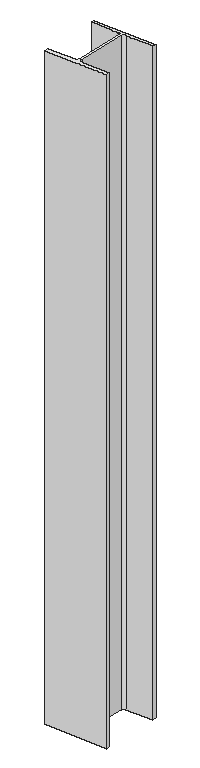
Revit family
Parameters (values of type "UC254x254x73")
  Column Material [instance] = Metal - Steel - 345 MPa
  Assembly Code = ""
  A = 0.009 m²
  W = 0.71687
  bf = 254 mm
  d = 254 mm
  k = 26.9 mm
  kr = k - tf  # 12.7 mm
  tf = 14.2 mm
  tw = 8.6 mm
Reference planes
  plane 1: y = 0
  plane 2: z = 0
  plane 3: x = 0
  plane 4: x = -127
  plane 5: x = 127
  plane 6: y = 127
  plane 7: y = -127
  plane 8: x = -3.969
  plane 9: x = 3.969
Forms (mm)
  Extrusion 1, solid, material "Metal - Steel - 345 MPa" <- "Column Material", detail levels medium
    sketch origin (0, 0, 0) x (1, 0, 0) y (0, 1, 0)
      loop
        line (-127, 127) -> (-127, 112.8) -> (-4.3, 112.8) -> (-4.3, -112.8) -> (-127, -112.8) -> (-127, -127) -> (127, -127) -> (127, -112.8) -> (4.3, -112.8) -> (4.3, 112.8) -> (127, 112.8) -> (127, 127) -> (-127, 127)
    from 0 to 2500
  Extrusion 2, solid, material "Metal - Steel - 345 MPa" <- "Column Material", detail levels fine
    sketch origin (0, 0, 0) x (1, 0, 0) y (0, 1, 0)
      loop
        line (-127, 127) -> (-127, 112.8) -> (-17, 112.8)
        arc (-17, 112.8) -> (-8.02, 109.08) -> (-4.3, 100.1) r 12.7
        line (-4.3, 100.1) -> (-4.3, -100.1)
        arc (-4.3, -100.1) -> (-8.02, -109.08) -> (-17, -112.8) r 12.7
        line (-17, -112.8) -> (-127, -112.8) -> (-127, -127) -> (127, -127) -> (127, -112.8) -> (17, -112.8)
        arc (17, -112.8) -> (8.02, -109.08) -> (4.3, -100.1) r 12.7
        line (4.3, -100.1) -> (4.3, 100.1)
        arc (4.3, 100.1) -> (8.02, 109.08) -> (17, 112.8) r 12.7
        line (17, 112.8) -> (127, 112.8) -> (127, 127) -> (-127, 127)
    from 0 to 2500
Lines and regions (mm)
  symbolic lines, style "StructuralColumnStickSymbols", detail levels coarse
    curve 1: line (-127, 127, 0) -> (127, 127, 0)
    curve 2: line (-127, -127, 0) -> (127, -127, 0)
    curve 3: line (0, 127, 0) -> (0, -127, 0)
  symbolic lines, style "Hidden Faces", detail levels medium+fine
    curve 4: line (-3.969, 0, 0) -> (-3.969, 0, 2500)
    curve 5: line (3.969, 0, 2500) -> (3.969, 0, 0)
Dimensions and locks
  equal spacing: plane 4, plane 3, plane 5
  equal spacing: plane 7, plane 1, plane 6
  "d": plane 7 to plane 6
  "bf": plane 4 to plane 5
  "tf": plane 7 to Extrusion 1 sketch curve
  "tf": Extrusion 1 sketch curve to plane 6
  equal spacing: Extrusion 1 sketch curve, plane 3, Extrusion 1 sketch curve
  "tw": Extrusion 1 sketch curve to Extrusion 1 sketch curve
  "kr": radius of Extrusion 2 sketch curve  (x4)
  aligned and locked: plane 6 to Extrusion 1 sketch curve
  aligned and locked: Extrusion 1 sketch curve to plane 7
  aligned and locked: Extrusion 1 sketch curve to plane 4  (x2)
  aligned and locked: plane 5 to Extrusion 1 sketch curve  (x2)
  aligned and locked: Extrusion 1 sketch curve to Extrusion 1 sketch curve  (x2)
  aligned and locked: level to Extrusion 1
  aligned and locked: level to plane 2
  aligned and locked: Extrusion 1 to plane 2
  aligned and locked: plane 6 to Extrusion 2 sketch curve
  aligned and locked: plane 5 to Extrusion 2 sketch curve  (x2)
  aligned and locked: Extrusion 2 sketch curve to plane 4  (x2)
  aligned and locked: Extrusion 2 sketch curve to Extrusion 1  (x6)
  aligned and locked: Extrusion 2 sketch curve to plane 7
  aligned and locked: level to Extrusion 2
  aligned and locked: Extrusion 2 to level
Automatic sketch dimensions
  curve 2 to plane 4 = 0 mm
  curve 1 to plane 4 = 0 mm
  curve 3 to plane 3 = 0 mm
  curve 2 to plane 5 = 0 mm
  curve 1 to plane 5 = 0 mm
  curve 3 to plane 7 = 0 mm
  curve 3 to plane 6 = 0 mm
  curve 4 to level = 0 mm  (x2)
  curve 4 to plane 8 = 0 mm
  curve 5 to level = 0 mm  (x2)
  curve 5 to plane 9 = 0 mm
